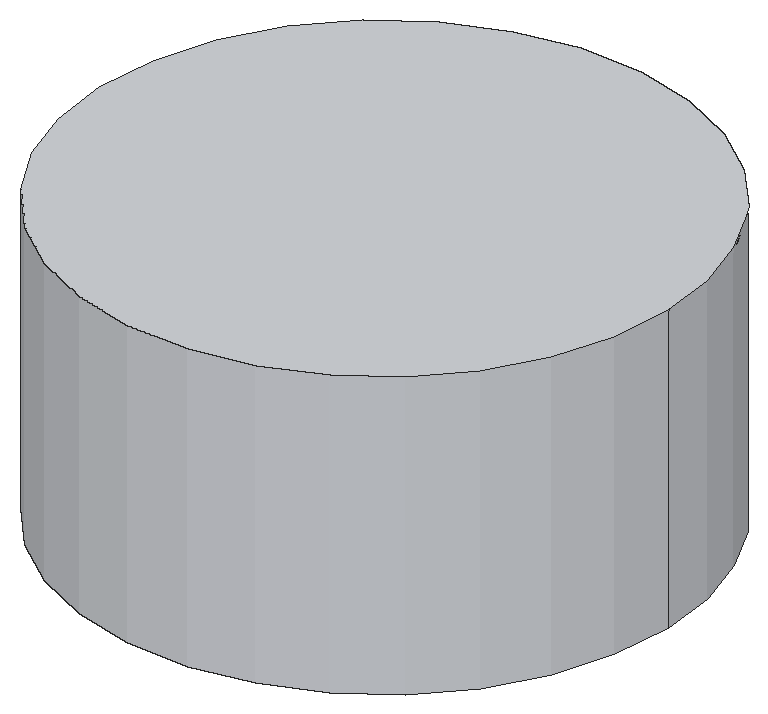
Revit family "10601200", category Specialty Equipment, Revit 2020
Family settings
  Round Connector Dimension = Use Diameter
  Part Type = Normal
  OmniClass Number = 23.40.40.14
  OmniClass Title = Food Service Equipment
  Work Plane-Based = No
  Always vertical = Yes
  Cut with Voids When Loaded = No
  Shared = No
  Room Calculation Point = No
Parameters (values of type "Standard")
  URL = "https://www.rustfriebergh.no/produkter/serveringsdisker/serveringsdisk-rbrm/"
  Model = "10601200"
  Manufacturer = "RUSTFRIE BERGH AS"
  Description = "Serveringsdisk RBRM 1200"
  Default Elevation = 0 mm
Reference planes
  plane 1 "Center (Front/Back)": y = 0
  plane 2: z = 0
  plane 3 "Center (Left/Right)": x = 0
Forms (mm)
  Extrusion 1, solid
    sketch origin (335.26, 224.4, 192.5) x (0, 1, 0) y (1, 0, 0)
      loop
        circle (0, 0) r 3.048
    from 0 to -3.048
Dimensions and locks
  aligned and locked: level to plane 2
Connectors
  electrical at (335.26, 224.4, 192.5)
    settings: on Extrusion 1, index 1, voltage 0 V, apparent load 750 VA, apparent load phase1 0 VA, apparent load phase2 0 VA, apparent load phase3 0 VA, power factor 0, load classification "Other", number of poles 1, system type 30, power factor state 1, is connector primary yes, connector utility no, sub classification motor no, connector description "230V 50/60HZ 3,26A"
